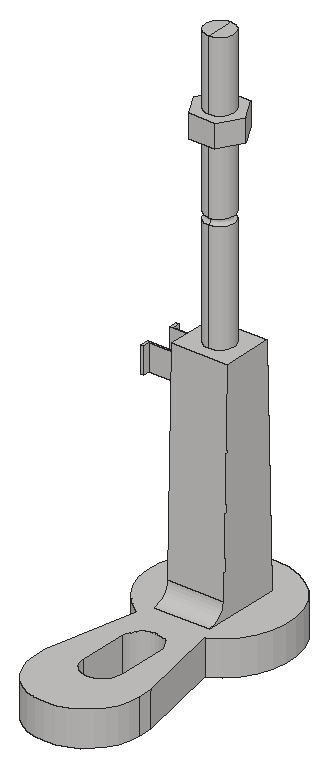
Revit family "PlumbingFixture_GroheLimited_RapidSLBrackets_3855800M_METRIC_1", category Plumbing Fixtures, host Face, Revit 2015
Parameters (values of type "3855800M")
  _DistributedBy = "www.bimstore.co.uk"
  _CurrentRevision = 1
  _CreatedBy = "www.bimstore.co.uk"
  _BimSpecGuid = 0
  _BSBibleVersion = 14
  _AuthorizedBy = "Kris Atkinson"
  _Author = "Ryan Lashley"
  Waste Connection = no
  WarrantyStartDate [instance] = "Please Record On Commissioning."
  WarrantyGuarantorParts = "info-uk@grohe.com"
  WarrantyGuarantorLabor = "info-uk@grohe.com"
  WarrantyDurationUnit = "Years"
  WarrantyDurationParts = "n/a"
  WarrantyDurationLabor = "n/a"
  WarrantyDescription = "n/a"
  WFU = 0
  Vent Connection = no
  URL = "www.grohe.com"
  TypeName = "Rapid SL Front wall brackets"
  Type Comments = "3855800M"
  SpareParts = "n/a"
  Size = "n/a"
  Shape = "n/a"
  SerialNumber [instance] = "Please Record On Commissioning."
  ReplacementCost = "n/a"
  ReferencedStandard = "n/a"
  ProductionYear = "2017"
  ProductPageURL = "https://www.grohe.co.uk/en_gb/rapid-sl-rapid-sl-front-wall-brackets-3855800M.html"
  ProductDocumentationLink = "https://www.grohe.co.uk/en_gb/rapid-sl-rapid-sl-front-wall-brackets-3855800M.html"
  PrimaryMaterial = Grohe-Chrome-Polished
  PercentageOfRecycledContent = "n/a"
  NominalLength = 0 mm
  NominalHeight = 0 mm
  NominalDepth = 0 mm
  NBSReference = "45-35-70/355"
  NBSOfficeMasterTag = "n/a"
  NBSObjectName = "Grohe Limited - Urinal flushing valves"
  NBSNote = ""
  NBSDescription = "Urinal flushing valves"
  ModelReference = "Rapid SL Front wall brackets"
  ModelNumber = "3855800M"
  Model = "Rapid SL Front wall brackets"
  Material = "Chrome"
  MasterformatTitle = "Sanitary Facilities"
  MasterformatNumber = "01 52 19"
  ManufacturerName = "Grohe Limited"
  Manufacturer = "Grohe Limited"
  LowEmittingMaterial = no
  LEEDCredit = "n/a"
  Keynote = "N13"
  InstallationDate [instance] = "Please Record On Commissioning."
  IndustryStandards = "n/a"
  IfcExportType = "IfcPipeFittingType"
  IfcExportAs = "IfcPipeFitting"
  HotWaterConnectionDiameter = 10 mm
  HWFU = 4.5
  HW Connection = no
  Grade = "n/a"
  Finish = "Chrome"
  Features = "for against-the-wall installations. for fixing the elements at the brick-wall. or in front of the studded wall. steady vertical adjustment from 130 - 230 mm. fixing material. 2 pieces."
  ExpectedLife = 0
  Ecojoy = no
  DurationUnit = "Years"
  DocumentationTechnical = "n/a"
  DocumentationMaintenance = "n/a"
  DocumentationLiterature = "n/a"
  DocumentationInstallationGuide = "n/a"
  DocumentationCertificates = "n/a"
  Description = "for against-the-wall installations. for fixing the elements at the brick-wall. or in front of the studded wall. steady vertical adjustment from 130 - 230 mm. fixing material. 2 pieces."
  Default Elevation = 0 mm
  CreatedOn = "2017-05-08T00:00:00"
  CreatedBy = "info-uk@grohe.com"
  Cost = 0
  ContactGrohe = "GROHE Limited, World Business Centre 2, Newall Road, London Heathrow Airport, Hounslow, Middlesex, TW6 2SF - Tel: +44 (0) 871 200 3414 - Fax: +44 (0) 871 200 3415 - Email: info-uk@grohe.com"
  Constituents = "n/a"
  Color = "Chrome"
  ColdWaterConnectionDiameter = 10 mm
  CodePerformance = "n/a"
  ClassificationValue = "Pr_40_20_93_79"
  ClassificationName = "Uniclass2015"
  CWFU = 4.5
  CW Connection = no
  BarCode [instance] = "Please Record On Commissioning."
  BIMObjectName = "PlumbingFixture_GroheLimited_RapidSLBrackets_3855800M_METRIC"
  AssetType = "Fixed"
  AssetIdentifier [instance] = "Please Record On Commissioning."
  Assembly Code = "D2010"
  AccessibilityPerformance = "n/a"
  ADACompliant = no
Reference planes
  plane 1 "Center (Front/Back)": y = 0
  plane 2: z = 0
  plane 3 "Center (Left/Right)": x = 0
Forms (mm)
  Extrusion 1, solid, material "Grohe-Chrome-Polished" <- "PrimaryMaterial"
    sketch origin (0, 0, 0) x (1, 0, 0) y (0, 1, 0)
      loop
        arc (9.712, 4.106) -> (0, 41.422) -> (-9.712, 4.106) r 19.922
        line (-9.712, 4.106) -> (-15, -21.978) -> (-15, -26)
        arc (-15, -26) -> (0, -41) -> (15, -26) r 15
        line (15, -26) -> (15, -22.029) -> (9.712, 4.106)
      loop
        line (-5.5, -6.5) -> (-5.5, -20.5)
        arc (-5.5, -20.5) -> (0, -26) -> (5.5, -20.5) r 5.5
        line (5.5, -20.5) -> (5.5, -6.5)
        arc (5.5, -6.5) -> (0, -1) -> (-5.5, -6.5) r 5.5
    from 0 to 10
  Extrusion 2, solid, material "Grohe-Chrome-Polished" <- "PrimaryMaterial"
    sketch origin (0, 0, 0) x (0, 1, 0) y (0, 0, 1)
      loop
        line (30.238, 10) -> (28.536, 75) -> (14.464, 75) -> (12.889, 14.869)
        arc (12.889, 14.869) -> (11.38, 11.418) -> (7.891, 10) r 5
        line (7.891, 10) -> (30.238, 10)
    from -7.955 to 7.955
  Revolve 3, solid, material "Grohe-Chrome-Polished" <- "PrimaryMaterial"
    sketch origin (0, 0, 0) x (0, 1, 0) y (0, 0, 1)
      loop
        line (25.5, 155) -> (21.5, 155) -> (21.5, 25) -> (25.5, 25) -> (25.5, 106.486)
        arc (25.5, 106.486) -> (24.486, 107.5) -> (25.5, 108.514) r 1.014
        line (25.5, 108.514) -> (25.5, 155)
      axis (21.5, 25) -> (21.5, 155)
    angle from 0 to 360
  Extrusion 4, solid, material "Grohe-Chrome-Polished" <- "PrimaryMaterial"
    sketch origin (0, 0, 0) x (1, 0, 0) y (0, 1, 0)
      loop
        line (-17.5, 25.5) -> (7, 25.5) -> (7, 17.481) -> (-17.5, 17.481) -> (-17.5, 15.178) -> (-16.7, 15.178) -> (-16.7, 16.981) -> (7.5, 16.981) -> (7.5, 26) -> (-16.7, 26) -> (-16.7, 27.803) -> (-17.5, 27.803) -> (-17.5, 25.5)
    from 63.25 to 70.75
  Extrusion 5, solid, material "Grohe-Chrome-Polished" <- "PrimaryMaterial"
    sketch origin (0, 0, 0) x (1, 0, 0) y (0, 1, 0)
      loop
        line (-3.753, 28) -> (-7.506, 21.5) -> (-3.753, 15) -> (3.753, 15) -> (7.506, 21.5) -> (3.753, 28) -> (-3.753, 28)
    from 128.5 to 135
Cuts and joins
  joined: Extrusion 1, Extrusion 2, Revolve 3, Extrusion 4, Extrusion 5
Dimensions and locks
  aligned and locked: plane 2 to host face
  aligned and locked: level to host face
